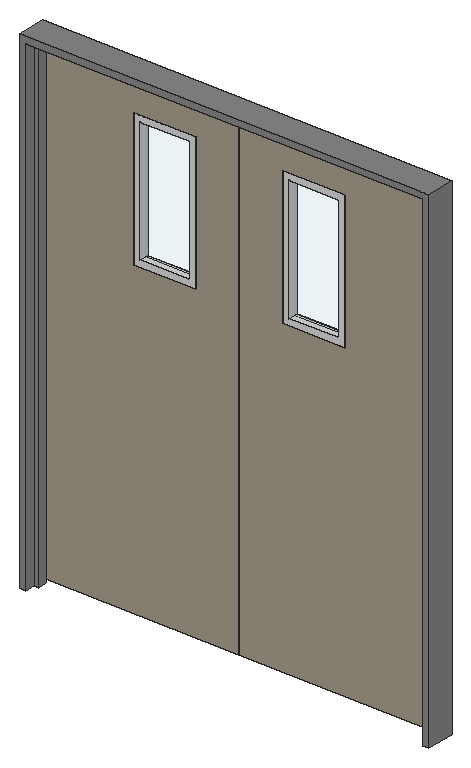
Revit family "DAL_A3-Door-Type-004-1650x2023", category Doors, host Wall, Revit 2016
Family settings
  Host = Wall
  OmniClass Number = 23.30.10.00
  OmniClass Title = Doors
  Always vertical = Yes
  Cut with Voids When Loaded = No
  Shared = No
  Room Calculation Point = No
Parameters (values of type "Door")
  Wall Thickness 2 = 877 mm
  Wall Thickness = 877 mm
  Function = Interior
  Frame Projection Ext. = 25 mm
  Frame Projection Int. = 25 mm
  Frame Width = 75 mm
  Height = 2000 mm
  Wall Closure = By host
  Width = 1650 mm
  Construction Type = "DR003"
  Assembly Code = ""
Reference planes
  plane 1: y = 0
  plane 2 "Center (Left/Right)": x = 177.5
  plane 3 "Left": x = -647.5
  plane 4 "Right": x = 1002.5
  plane 5: z = 2000
  plane 6 "Exterior": y = 57.5
  plane 7 "Interior": y = -57.5
  plane 8 "INNER FRAME": y = 17.5
  plane 9 "VP Left": x = -22.5
  plane 10 "VP Right": x = -222.5
  plane 11 "VP Top": z = 1800
  plane 12: z = 3300
  plane 13 "VP Botom": z = 1300
  plane 14 "VP Glass CC": y = 37.5
  plane 15 "VP Glass": y = 42.5
  plane 16: y = -17.5
Forms (mm)
  Extrusion 1, solid, material "Wood"
    sketch origin (0, 57.5, 0) x (-1, 0, 0) y (0, 0, 1)
      loop
        line (-177.5, 1975) -> (-177.5, 15) -> (622.5, 15) -> (622.5, 1975) -> (-177.5, 1975)
      loop
        line (-2.5, 1825) -> (-2.5, 1275) -> (247.5, 1275) -> (247.5, 1825) -> (-2.5, 1825)
    from 0 to -40
  Extrusion 2, solid, material "Mild Steel"
    sketch origin (0, 57.5, 0) x (1, 0, 0) y (0, 0, 1)
      loop
        line (1002.5, 2000) -> (-647.5, 2000) -> (-647.5, 0) -> (-622.5, 0) -> (-622.5, 1975) -> (977.5, 1975) -> (977.5, 0) -> (1002.5, 0) -> (1002.5, 2000)
    from 0 to 115
  Extrusion 3, solid, material "Mild Steel"
    sketch origin (0, 17.5, 0) x (1, 0, 0) y (0, 0, 1)
      loop
        line (977.5, 1975) -> (-622.5, 1975) -> (-622.5, 0) -> (-602.5, 0) -> (-602.5, 1955) -> (957.5, 1955) -> (957.5, 0) -> (977.5, 0) -> (977.5, 1975)
    from 0 to 35
  Extrusion 4, solid, material "Aluminium"
    sketch origin (0, 57.5, 0) x (1, 0, 0) y (0, 0, 1)
      loop
        line (-22.5, 1800) -> (-222.5, 1800) -> (-222.5, 1300) -> (-22.5, 1300) -> (-22.5, 1800)
      loop
        line (2.5, 1825) -> (-247.5, 1825) -> (-247.5, 1275) -> (2.5, 1275) -> (2.5, 1825)
    from 0 to 40
  Extrusion 5, solid, material "Glass"
    sketch origin (0, 42.5, 0) x (1, 0, 0) y (0, 0, 1)
      loop
        line (-22.5, 1800) -> (-222.5, 1800) -> (-222.5, 1300) -> (-22.5, 1300) -> (-22.5, 1800)
    from 0 to -10
  Extrusion 6, solid, material "Wood"
    sketch origin (355, 57.5, 0) x (1, 0, 0) y (0, 0, -1)
      loop
        line (-177.5, -1975) -> (622.5, -1975) -> (622.5, -15) -> (-177.5, -15) -> (-177.5, -1975)
      loop
        line (247.5, -1825) -> (247.5, -1275) -> (-2.5, -1275) -> (-2.5, -1825) -> (247.5, -1825)
    from 0 to -40
  Extrusion 7, solid, material "Aluminium"
    sketch origin (355, 57.5, 0) x (-1, 0, 0) y (0, 0, -1)
      loop
        line (-22.5, -1800) -> (-22.5, -1300) -> (-222.5, -1300) -> (-222.5, -1800) -> (-22.5, -1800)
      loop
        line (2.5, -1825) -> (2.5, -1275) -> (-247.5, -1275) -> (-247.5, -1825) -> (2.5, -1825)
    from 0 to 40
  Extrusion 8, solid, material "Glass"
    sketch origin (355, 42.5, 0) x (-1, 0, 0) y (0, 0, -1)
      loop
        line (-22.5, -1800) -> (-22.5, -1300) -> (-222.5, -1300) -> (-222.5, -1800) -> (-22.5, -1800)
    from 0 to -10
Cuts and joins
  joined: Extrusion 2, Extrusion 3
Lines and regions (mm)
  Opening 1
    outline origin (-3050, -57.5, 0) x (1, 0, 0) y (0, 0, 1)
      loop
        line (2402.5, 0) -> (4052.5, 0) -> (4052.5, 2000) -> (2402.5, 2000) -> (2402.5, 0)
  symbolic lines, style "Elevation Swing"
    curve 1: line (1002.5, -57.5, 1000) -> (-622.5, -57.5, 2000)
    curve 2: line (1002.5, -57.5, 1000) -> (-647.5, -57.5, 0)
    curve 3: line (-647.5, 57.5, 0) -> (1002.5, 57.5, 1000)
  symbolic lines
    curve 4: arc (175.5, 57.5, 0) -> (410.4, 624.6, 0) -> (977.5, 859.5, 0) r 802
    curve 5: line (977.5, 859.5, 0) -> (977.5, 57.5, 0)
    curve 6: arc (175.5, 56.48, 0) -> (-58.229, 620.752, 0) -> (-622.5, 854.48, 0) r 798
    curve 7: line (-622.5, 854.48, 0) -> (-622.5, 57.5, 0)
Text (mm)
  text "Exterior" at (-2295.016, 1099.543, 0), in view "Ref. Level"
  text "Exterior" at (0, 1615.38, 3698.081), in view "Left"
  text "Exterior" at (0, 1036.032, 3874.932), in view "Right"
Dimensions and locks
  equal spacing: plane 3 "Left", plane 2 "Center (Left/Right)", plane 4 "Right"
  "Width": plane 3 "Left" to plane 4 "Right"
  "Height": plane 5 to host wall
  equal spacing: host wall, curve 2, plane 5
  host wall to plane 5 = 2000 mm
  locked: plane 6 "Exterior" to host wall at 0
  locked: plane 7 "Interior" to host wall
  locked: plane 16 to plane 7 "Interior" at 40
  locked: plane 8 "INNER FRAME" to plane 6 "Exterior" at 40
  aligned and locked: plane 3 "Left" to Opening 1 sketch curve
  aligned and locked: plane 5 to Opening 1 sketch curve  (x2)
  aligned and locked: Opening 1 sketch curve to plane 4 "Right"
  aligned and locked: Opening 1 sketch curve to level
  aligned and locked: plane 5 to curve 1
  aligned and locked: plane 3 "Left" to curve 2
  aligned and locked: plane 1 to host wall
  aligned and locked: Extrusion 2 sketch curve to host wall  (x3)
  aligned and locked: host wall to Extrusion 2 sketch curve
  aligned and locked: Extrusion 3 sketch curve to Extrusion 1
  aligned and locked: Extrusion 3 sketch curve to Extrusion 2  (x2)
  aligned and locked: Extrusion 2 to Extrusion 3 sketch curve
  aligned and locked: Extrusion 5 sketch curve to Extrusion 4  (x2)
  aligned and locked: Extrusion 5 sketch curve to plane 13 "VP Botom"
  aligned and locked: Extrusion 5 sketch curve to plane 10 "VP Right"
  aligned and locked: cut or joined group of Extrusion 2, Extrusion 3 to plane 16
  aligned and locked: plane 8 "INNER FRAME" to cut or joined group of Extrusion 2, Extrusion 3
  aligned and locked: plane 7 "Interior" to cut or joined group of Extrusion 2, Extrusion 3
  aligned and locked: cut or joined group of Extrusion 2, Extrusion 3 to plane 6 "Exterior"
  aligned and locked: Extrusion 8 sketch curve to Extrusion 7  (x2)
  aligned and locked: Extrusion 6 sketch curve to Extrusion 7  (x4)
  aligned and locked: Extrusion 1 sketch curve to Extrusion 4  (x4)
Automatic sketch dimensions
  plane 4 "Right" to curve 3 = 0 mm
  curve 3 to level = 0 mm
  curve 2 to level = 0 mm
  plane 3 "Left" to curve 3 = 0 mm
  plane 4 "Right" to curve 2 = 0 mm
  curve 3 to curve 1 = 0 mm
  curve 1 to plane 3 "Left" = 25 mm
  curve 7 to host wall = 0 mm
  curve 4 to host wall = 0 mm
  curve 5 to host wall = 0 mm
  curve 6 to host wall = 1.02 mm
  curve 6 to plane 3 "Left" = 25 mm
  curve 6 to plane 2 "Center (Left/Right)" = 2 mm
  curve 4 to curve 6 = 0 mm
  plane 4 "Right" to curve 4 = 25 mm
  Extrusion 2 sketch curve to level = 0 mm
  plane 4 "Right" to Extrusion 2 sketch curve = 0 mm
  Extrusion 2 sketch curve to plane 3 "Left" = 25 mm
  plane 4 "Right" to Extrusion 2 sketch curve = 25 mm
  plane 5 to Extrusion 2 sketch curve = 25 mm
  Extrusion 3 sketch curve to level = 0 mm
  Extrusion 3 sketch curve to Extrusion 3 sketch curve = 20 mm  (x3)
  Extrusion 4 sketch curve to plane 10 "VP Right" = 0 mm
  Extrusion 4 sketch curve to plane 9 "VP Left" = 0 mm
  Extrusion 4 sketch curve to plane 13 "VP Botom" = 0 mm
  Extrusion 4 sketch curve to plane 11 "VP Top" = 0 mm
  Extrusion 4 sketch curve to plane 10 "VP Right" = 25 mm
  plane 9 "VP Left" to Extrusion 4 sketch curve = 25 mm
  Extrusion 4 sketch curve to plane 13 "VP Botom" = 25 mm
  plane 11 "VP Top" to Extrusion 4 sketch curve = 25 mm
  Extrusion 7 sketch curve to plane 11 "VP Top" = 0 mm
  Extrusion 7 sketch curve to plane 13 "VP Botom" = 0 mm
  plane 13 "VP Botom" to Extrusion 7 sketch curve = 25 mm
  Extrusion 7 sketch curve to plane 4 "Right" = 400 mm
  Extrusion 7 sketch curve to Extrusion 7 sketch curve = 25 mm  (x2)
  Extrusion 7 sketch curve to Extrusion 7 sketch curve = 200 mm
  Extrusion 7 sketch curve to plane 11 "VP Top" = 25 mm
  Extrusion 8 sketch curve to plane 13 "VP Botom" = 0 mm
  Extrusion 8 sketch curve to Extrusion 8 sketch curve = 200 mm
  Extrusion 6 sketch curve to plane 2 "Center (Left/Right)" = 0 mm
  plane 4 "Right" to Extrusion 6 sketch curve = 25 mm
  plane 5 to Extrusion 6 sketch curve = 25 mm
  level to Extrusion 6 sketch curve = 15 mm
  Extrusion 1 sketch curve to plane 2 "Center (Left/Right)" = 0 mm
  Extrusion 1 sketch curve to plane 3 "Left" = 25 mm
  level to Extrusion 1 sketch curve = 15 mm
  plane 5 to Extrusion 1 sketch curve = 25 mm
